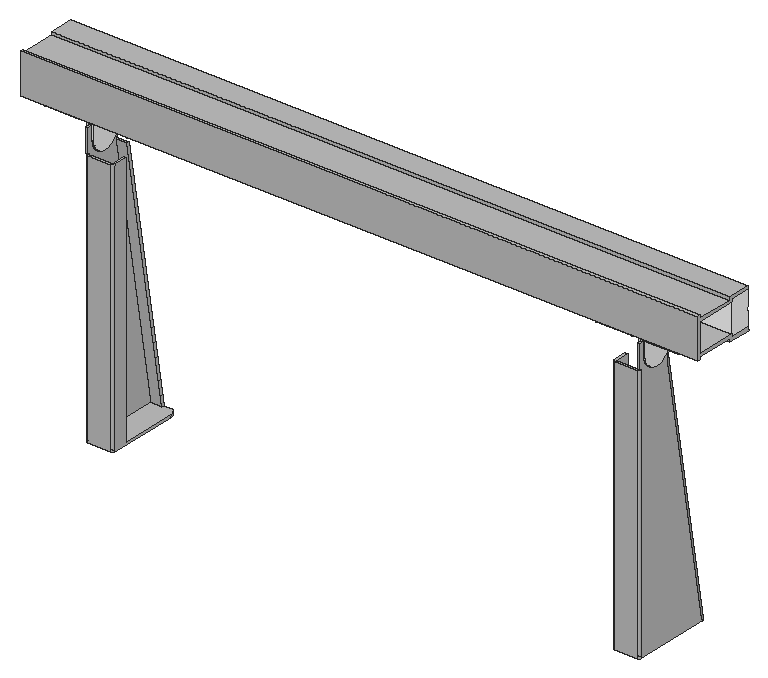
Revit family "4070750+4070746+4070772 Feilo Sylvania Lighting Fixture CURSUS 591MM 365LM WIDE LED 3K with CONTINUOUS WALL HOUSING with 250MM WALL BRACKET", category Lighting Fixtures, host Face, Revit 2017
Family settings
  Host = Face
  Round Connector Dimension = Use Diameter
  Part Type = Normal
  OmniClass Number = 23.80.70.14
  OmniClass Title = Luminaries for External Lighting
  Cut with Voids When Loaded = Yes
  Light Source = No
  Shared = No
  Room Calculation Point = No
Parameters (values of type "4070750 CURSUS 591MM 365LM WIDE LED 3K")
  Weight = "1.2 kg"
  Wattage Comments = "n/a"
  WarrantyStartDate [instance] = "n/a"
  WarrantyGuarantorParts = "n/a"
  WarrantyDurationUnit = "n/a"
  WarrantyDurationParts = "n/a"
  WarrantyDescription = "n/a"
  Voltage = 24 V
  URL = "http://www.sylvania-lighting.com"
  TypeName = "CURSUS 591MM 365LM WIDE LED 3K"
  TypeFixture_FEILO = CURSUS with CONTINUOUS WALL HOUSING : CURSUS 591MM 365LM WIDE LED 3K
  Type Image = <None>
  Type Comments = "n/a"
  TiltAngle [instance] = 0.00°
  StartAngle [instance] = TiltAngle + 270.00°  # 270.00°
  SerialNumber [instance] = "n/a"
  ReflectorMaterial = none
  PowerFactor = 0
  PowerConsumption = "9 W"
  NominalLength = 591 mm
  NominalHeight = 50 mm
  NominalDepth = 30 mm
  Name = "CURSUS 591MM 365LM WIDE LED 3K"
  ModelReference = Name  # "CURSUS 591MM 365LM WIDE LED 3K"
  ModelNumber = "4070750"
  Model = Name  # "CURSUS 591MM 365LM WIDE LED 3K"
  Material = "natural anodised extruded aluminium structure housing"
  ManufacturerName = "Feilo Sylvania"
  Manufacturer = "Feilo Sylvania"
  LuminousEfficacy = "40.55 lm/W"
  LuminaireType = ""
  LightOutputRatio = "100"
  LampsType = Lamp  # "LED"
  LampNominalLuminous = "365 lm"
  LampMacAdamStep = "n/a"
  LampColourTemperature = "3000 K"
  LampColourRenderingIndex = "80"
  Lamp = "LED"
  Keynote = "16500"
  InstallationDate [instance] = "n/a"
  InputVoltage = "24V DC"
  InputNominalFrequency = "n/a"
  IngressProtection = "IP67"
  ImpactProtectionIndex = "IK07"
  IfcExportType = "IfcLightFixtureType"
  IfcExportAs = "IfcLightFixtureType"
  ExpectedLife = 50000
  EndAngle [instance] = StartAngle - 180.00°  # 90.00°
  ElectricShockClassification = "Class III"
  DurationUnit = "hours"
  DocumentationLiterature = "http://www.sylvania-lighting.com/product/en-int/products/4070750"
  DimmingControlOptions = "n/a"
  DiffuserMaterial = Diffuser-Sylvania-Glow
  Description = "LED Exterior Lighting Recessed Surface Mounted Linear Fixture, Natural anodised extruded aluminium structure. Die-cast aluminium end caps. Installation kit with harmonic steel springs., 365 lm, 9W, 40lm/W, 3000K, CRI80+,non dimmable,IP67, IK07, (HxWxD) 591x50x30mm, 3 step Mac Adam Ellipse, 1.2kg,, Classe III, 21-25V-DC, energy class : A++, A+, A"
  Default Elevation = 1219.2 mm
  CreatedOn = "1/8/2018"
  CreatedBy = ""
  Cost = 0
  built-in parameter 1114216 [instance] = (empty or 0)
  ClassificationValue = "EF_70_80"
  ClassificationName = "Uniclass2015"
  BracketWidth = 24 mm
  BracketThickness = 2 mm
  BracketHeightEnd = 32 mm
  BracketHeight = 70 mm
  BracketFlange = BracketHeight / 5  # 14 mm
  BracketExtension = 250 mm
  BracketEndReduction = 25 mm
  BracketC = 22 mm  # constant formula
  BracketDistance = 460 mm
  BracketD = BracketHeightEnd - (BracketC * (BracketHeight - BracketHeightEnd) / (BracketExtension - BracketEndReduction))  # 28.284 mm
  BodyMaterial = Body-Sylvania-Gray
  BarCode [instance] = "n/a"
  AssetType = "Fixed"
  AssetIdentifier [instance] = "n/a"
  Assembly Code = "D5020200"
  Apparent Load = 9 VA
  AccessoryMaterial = Diffuser-Sylvania-Glow
Reference planes
  plane 1 "Center (Front/Back)": y = 0
  plane 2: z = 0
  plane 3 "Center (Left/Right)": x = 0
  plane 4: x = -242
  plane 5: x = 242
  plane 6: y = 70
  plane 7: x = -218
  plane 8: x = 218
  plane 9: z = 250
  plane 10: z = 236
  plane 11: z = 2
  plane 12: z = 225
  plane 13: x = -240
  plane 14: y = 68
  plane 15: y = 2
  plane 16: x = -220
  plane 17: x = 220
  plane 18: x = 240
  plane 19: x = -230
  plane 20: x = 230
  plane 21: y = 14
  plane 22: y = 32
  plane 23: y = 30
  plane 24: z = 247
  plane 25: y = 28.284
  plane 26: y = 16
Forms (mm)
  Blend 1, solid, material "Body-Sylvania-Gray" <- "BodyMaterial"
    base sketch origin (1223.4, -4572, 2) x (0, -1, 0) y (1, 0, 0)
      loop
        line (-4640, -1453.4) -> (-4642, -1453.4) -> (-4642, -1463.4)
        arc (-4642, -1463.4) -> (-4641.414, -1464.814) -> (-4640, -1465.4) r 2
        line (-4640, -1465.4) -> (-4574, -1465.4)
        arc (-4574, -1465.4) -> (-4572.586, -1464.814) -> (-4572, -1463.4) r 2
        line (-4572, -1463.4) -> (-4572, -1443.4)
        arc (-4572, -1443.4) -> (-4572.586, -1441.986) -> (-4574, -1441.4) r 2
        line (-4574, -1441.4) -> (-4586, -1441.4) -> (-4586, -1443.4) -> (-4574, -1443.4) -> (-4574, -1463.4) -> (-4640, -1463.4) -> (-4640, -1453.4)
    top sketch origin (1223.4, -4572, 2) x (0, -1, 0) y (1, 0, 0)
      loop
        line (-4586, -1443.4) -> (-4574, -1443.4) -> (-4574, -1463.4) -> (-4602, -1463.4) -> (-4602, -1453.4) -> (-4604, -1453.4) -> (-4604, -1463.4)
        arc (-4604, -1463.4) -> (-4603.52, -1464.71) -> (-4602.309, -1465.4) r 2.028
        line (-4602.309, -1465.4) -> (-4574, -1465.4)
        arc (-4574, -1465.4) -> (-4572.586, -1464.814) -> (-4572, -1463.4) r 2
        line (-4572, -1463.4) -> (-4572, -1443.4)
        arc (-4572, -1443.4) -> (-4572.586, -1441.986) -> (-4574, -1441.4) r 2
        line (-4574, -1441.4) -> (-4586, -1441.4) -> (-4586, -1443.4)
    from 0 to 223
  Extrusion 2, solid, material "Body-Sylvania-Gray" <- "BodyMaterial"
    sketch origin (0, 0, 0) x (1, 0, 0) y (0, 1, 0)
      loop
        arc (-240, 70) -> (-241.414, 69.414) -> (-242, 68) r 2
        line (-242, 68) -> (-242, 2)
        arc (-242, 2) -> (-241.414, 0.586) -> (-240, 0) r 2
        line (-240, 0) -> (-220, 0)
        arc (-220, 0) -> (-218.586, 0.586) -> (-218, 2) r 2
        line (-218, 2) -> (-218, 62.5)
        arc (-218, 62.5) -> (-220.197, 67.803) -> (-225.5, 70) r 7.5
        line (-225.5, 70) -> (-240, 70)
      loop
        line (240, 70) -> (225.5, 70)
        arc (225.5, 70) -> (220.197, 67.803) -> (218, 62.5) r 7.5
        line (218, 62.5) -> (218, 2)
        arc (218, 2) -> (218.586, 0.586) -> (220, 0) r 2
        line (220, 0) -> (240, 0)
        arc (240, 0) -> (241.414, 0.586) -> (242, 2) r 2
        line (242, 2) -> (242, 68)
        arc (242, 68) -> (241.414, 69.414) -> (240, 70) r 2
    from 0 to 2
  Blend 3, solid, material "Body-Sylvania-Gray" <- "BodyMaterial"
    base sketch origin (1223.4, -4572, 2) x (0, -1, 0) y (1, 0, 0)
      loop
        line (-4640, -983.4) -> (-4574, -983.4) -> (-4574, -1003.4) -> (-4586, -1003.4) -> (-4586, -1005.4) -> (-4574, -1005.4)
        arc (-4574, -1005.4) -> (-4572.586, -1004.814) -> (-4572, -1003.4) r 2
        line (-4572, -1003.4) -> (-4572, -983.4)
        arc (-4572, -983.4) -> (-4572.586, -981.986) -> (-4574, -981.4) r 2
        line (-4574, -981.4) -> (-4640, -981.4)
        arc (-4640, -981.4) -> (-4641.414, -981.986) -> (-4642, -983.4) r 2
        line (-4642, -983.4) -> (-4642, -993.4) -> (-4640, -993.4) -> (-4640, -983.4)
    top sketch origin (1223.4, -4572, 2) x (0, -1, 0) y (1, 0, 0)
      loop
        line (-4602, -993.4) -> (-4602, -983.4) -> (-4574, -983.4) -> (-4574, -1003.4) -> (-4586, -1003.4) -> (-4586, -1005.4) -> (-4574, -1005.4)
        arc (-4574, -1005.4) -> (-4572.586, -1004.814) -> (-4572, -1003.4) r 2
        line (-4572, -1003.4) -> (-4572, -983.4)
        arc (-4572, -983.4) -> (-4572.586, -981.986) -> (-4574, -981.4) r 2
        line (-4574, -981.4) -> (-4602, -981.4)
        arc (-4602, -981.4) -> (-4603.414, -981.986) -> (-4604, -983.4) r 2
        line (-4604, -983.4) -> (-4604, -993.4) -> (-4602, -993.4)
    from 0 to 223
  Blend 4, solid, material "Body-Sylvania-Gray" <- "BodyMaterial"
    base sketch origin (1223.4, -4572, 225) x (0, -1, 0) y (1, 0, 0)
      loop
        line (-4604, -1465.4) -> (-4572, -1465.4) -> (-4572, -1463.4) -> (-4604, -1463.4) -> (-4604, -1465.4)
    top sketch origin (1223.4, -4572, 225) x (0, -1, 0) y (1, 0, 0)
      loop
        line (-4572, -1465.4) -> (-4572, -1463.4) -> (-4600.284, -1463.4) -> (-4600.284, -1465.4) -> (-4572, -1465.4)
    from 0 to 22
  Blend 5, solid, material "Body-Sylvania-Gray" <- "BodyMaterial"
    base sketch origin (1223.4, -4572, 225) x (0, -1, 0) y (1, 0, 0)
      loop
        line (-4604, -983.4) -> (-4572, -983.4) -> (-4572, -981.4) -> (-4604, -981.4) -> (-4604, -983.4)
    top sketch origin (1223.4, -4572, 225) x (0, -1, 0) y (1, 0, 0)
      loop
        line (-4572, -981.4) -> (-4600.284, -981.4) -> (-4600.284, -983.4) -> (-4572, -983.4) -> (-4572, -981.4)
    from 0 to 22
  Extrusion 6, void
    sketch origin (0, 0, 0) x (0, 1, 0) y (0, 0, 1)
      loop
        line (0, 225) -> (2, 225) -> (2, 226.5) -> (0, 226.5) -> (0, 225)
      loop
        line (32, 225) -> (32, 226.5) -> (30, 226.5) -> (30, 225) -> (32, 225)
    from -242 to 242
  Revolve 7, solid, not visible
    sketch origin (1524, 16, 1219.2) x (1, 0, 0) y (0, 0, 1)
      loop
        line (-1524, -972.2) -> (-1524, -983.2) -> (-1294, -983.2) -> (-1294, -972.2) -> (-1524, -972.2)
      axis (-1294, -983.2) -> (-1524, -983.2)
    angle from 270 <- "StartAngle" to 90 <- "EndAngle"
Cuts and joins
  Extrusion 6 cuts Blend 4
  Extrusion 6 cuts Blend 5
  joined: Blend 1, Extrusion 2, Blend 3, Blend 4, Blend 5
Lines and regions (mm)
  reference lines, not visible
    curve 1: line (-218, 16, 236) -> (218, 16, 236)
Dimensions and locks
  equal spacing: plane 4, plane 3 "Center (Left/Right)", plane 5
  "BracketDistance": plane 19 to plane 20
  "BracketHeight": plane 1 "Center (Front/Back)" to plane 6
  equal spacing: plane 7, plane 3 "Center (Left/Right)", plane 8
  "BracketWidth": plane 4 to plane 7
  "BracketExtension": plane 9 to plane 2
  "BracketThickness": plane 11 to plane 2
  "BracketEndReduction": plane 9 to plane 12
  equal spacing: plane 13, plane 3 "Center (Left/Right)", plane 18
  equal spacing: plane 16, plane 3 "Center (Left/Right)", plane 17
  "BracketThickness": plane 4 to plane 13
  "BracketThickness": plane 16 to plane 7
  "BracketThickness": plane 14 to plane 6
  "BracketThickness": plane 1 "Center (Front/Back)" to plane 15
  equal spacing: plane 4, plane 19, plane 7
  equal spacing: plane 8, plane 20, plane 5
  "BracketFlange": plane 1 "Center (Front/Back)" to plane 21
  "BracketHeightEnd": plane 1 "Center (Front/Back)" to plane 22
  "BracketThickness": plane 23 to plane 22
  locked: Extrusion 2 sketch curve to plane 7 at 7.5
  locked: Extrusion 2 sketch curve to plane 6 at 7.5  (x2)
  locked: plane 8 to Extrusion 2 sketch curve at 7.5
  "BracketC": plane 24 to plane 12
  "BracketD": plane 1 "Center (Front/Back)" to plane 25
  locked: plane 12 to Extrusion 6 sketch curve at 1.5
  equal spacing: plane 24, plane 10, plane 12
  equal spacing: plane 1 "Center (Front/Back)", plane 26, plane 22
  aligned and locked: plane 2 to host face
  aligned and locked: level to host face
  aligned and locked: plane 4 to Blend 1 sketch curve  (x2)
  aligned and locked: plane 13 to Blend 1 sketch curve  (x3)
  aligned and locked: Blend 1 sketch curve to plane 15
  aligned and locked: Blend 1 sketch curve to plane 16
  aligned and locked: Blend 1 sketch curve to plane 21
  aligned and locked: plane 7 to Blend 1 sketch curve
  aligned and locked: plane 16 to Blend 1 sketch curve
  aligned and locked: plane 1 "Center (Front/Back)" to Blend 1 sketch curve
  aligned and locked: plane 14 to Blend 1 sketch curve
  aligned and locked: Blend 1 sketch curve to var sketch  (x6)
  aligned and locked: Blend 1 sketch curve to plane 19
  aligned and locked: Blend 1 sketch curve to plane 22
  aligned and locked: plane 23 to Blend 1 sketch curve
  aligned and locked: plane 11 to Blend 1
  aligned and locked: Extrusion 2 sketch curve to Blend 1  (x3)
  aligned and locked: Extrusion 2 to level
  aligned and locked: Extrusion 2 to plane 11
  aligned and locked: Extrusion 2 sketch curve to plane 7
  aligned and locked: plane 18 to Blend 3 sketch curve  (x4)
  aligned and locked: plane 14 to Blend 3 sketch curve  (x2)
  aligned and locked: Blend 3 sketch curve to plane 20
  aligned and locked: Blend 3 sketch curve to plane 6
  aligned and locked: plane 5 to Blend 3 sketch curve
  aligned and locked: plane 1 "Center (Front/Back)" to Blend 3 sketch curve
  aligned and locked: plane 15 to Blend 3 sketch curve  (x2)
  aligned and locked: Blend 3 sketch curve to plane 8
  aligned and locked: Blend 3 sketch curve to plane 21
  aligned and locked: plane 17 to Blend 3 sketch curve
  aligned and locked: Blend 3 sketch curve to plane 18
  aligned and locked: plane 20 to Blend 3 sketch curve  (x2)
  aligned and locked: Blend 3 sketch curve to plane 23
  aligned and locked: Blend 3 sketch curve to var sketch  (x8)
  aligned and locked: var sketch to Blend 3 sketch curve
  aligned and locked: plane 22 to Blend 3 sketch curve
  aligned and locked: plane 11 to Blend 3
  aligned and locked: Extrusion 2 sketch curve to Blend 3  (x4)
  aligned and locked: Blend 1 to plane 12
  aligned and locked: Blend 3 to plane 12
  aligned and locked: Blend 4 sketch curve to plane 22
  aligned and locked: Blend 4 sketch curve to cut or joined group of Blend 1, Extrusion 2, Blend 3, Blend 4, Blend 5, Extrusion 6  (x2)
  aligned and locked: cut or joined group of Blend 1, Extrusion 2, Blend 3, Blend 4, Blend 5, Extrusion 6 to Blend 4 sketch curve
  aligned and locked: Blend 4 sketch curve to var sketch  (x2)
  aligned and locked: Blend 4 sketch curve to plane 13
  aligned and locked: Blend 4 to plane 24
  aligned and locked: Blend 4 sketch curve to plane 25
  aligned and locked: Blend 5 sketch curve to plane 18  (x2)
  aligned and locked: plane 1 "Center (Front/Back)" to Blend 5 sketch curve
  aligned and locked: plane 5 to Blend 5 sketch curve
  aligned and locked: plane 22 to Blend 5 sketch curve
  aligned and locked: Blend 5 sketch curve to var sketch
  aligned and locked: var sketch to Blend 5 sketch curve
  aligned and locked: Blend 5 sketch curve to plane 25
  aligned and locked: Blend 5 to plane 24
  aligned and locked: plane 12 to Blend 5
  aligned and locked: Extrusion 6 sketch curve to cut or joined group of Blend 1, Extrusion 2, Blend 3, Blend 4, Blend 5, Extrusion 6  (x2)
  aligned and locked: Extrusion 6 sketch curve to Extrusion 6 sketch curve
  aligned and locked: Extrusion 6 sketch curve to plane 15
  aligned and locked: plane 5 to Extrusion 6
  aligned and locked: Extrusion 6 to plane 4
  aligned and locked: Extrusion 6 sketch curve to plane 23
  aligned and locked: Revolve 7 sketch curve to plane 10  (x2)
  aligned and locked: plane 24 to Revolve 7 sketch curve
  aligned and locked: plane 3 "Center (Left/Right)" to Revolve 7 sketch curve
  aligned and locked: Revolve 7 sketch curve to plane 20
  aligned and locked: plane 7 to curve 1
  aligned and locked: plane 10 to curve 1
  aligned and locked: nested 1 to plane 5
  aligned and locked: nested 2 to plane 4
  aligned and locked: nested 1 to curve 1
  aligned and locked: nested 2 to curve 1
  aligned and locked: nested 3 to plane 3 "Center (Left/Right)"
  aligned and locked: nested 1 to nested 3
Automatic sketch dimensions
  host sketch curve to host sketch curve = 2438.4 mm  (x2)
  Blend 1 sketch curve to plane 13 = 0 mm
  plane 15 to Blend 1 sketch curve = 0 mm  (x3)
  Blend 1 sketch curve to plane 23 = 0.309 mm
  plane 6 to Blend 1 sketch curve = 0 mm
  plane 14 to Blend 1 sketch curve = 0 mm
  Blend 1 sketch curve to plane 19 = 0 mm
  Blend 3 sketch curve to plane 17 = 0 mm
  Extrusion 6 sketch curve to plane 1 "Center (Front/Back)" = 0 mm
  plane 12 to Extrusion 6 sketch curve = 0 mm
  Revolve 7 sketch curve to plane 4 = 1153 mm
  plane 5 to Revolve 7 sketch curve = 1161.4 mm
  curve 1 to plane 8 = 0 mm
Nested families
  nested 1: "MountingPlate" at (241, 16, 236) x (-1, 0, 0) z (0, 0, 1), type "MountingPlate"
  nested 2: "MountingPlate" at (-241, 16, 236) x (-1, 0, 0) z (0, 0, 1), type "MountingPlate"
  nested 3: "CURSUS with CONTINUOUS WALL HOUSING" at (0, -4, 254) x (-1, 0, 0) z (0, 0, 1), type <- "TypeFixture_FEILO", type "CURSUS 591MM 365LM WIDE LED 3K"
    with WarrantyStartDate "n/a", SerialNumber "n/a", InstallationDate "n/a", EndCapRight no, EndCapLeft no, built-in parameter 1114216 (empty or 0), BarCode "n/a", AssetIdentifier "n/a"
Connectors
  electrical at (0, 0, 0), driven by "Voltage", driven by "Apparent Load", driven by "PowerFactor"
    settings: index 1, voltage 24 V, apparent load 9 VA, apparent load phase1 0 VA, apparent load phase2 0 VA, apparent load phase3 0 VA, power factor 0, load classification "Other", number of poles 1, system type 30, power factor state 1, is connector primary yes, connector utility no, sub classification motor no, connector description ""
Definition of nested family "MountingPlate"
  Parameters (values of type "MountingPlate")
    URL = "http://www.feilosylvania.com"
    Type Comments = "n/a"
    ReflectorMaterial = none
    MountingPlateWidth = 76 mm
    MountingPlateThickness = 2 mm
    MountingPlateRadiusBack = 12 mm
    MountingPlateRadius = 3 mm
    MountingPlateHeight = 35 mm
    Model = "n/a"
    Manufacturer = "Feilo Sylvania"
    Keynote = "n/a"
    DiffuserMaterial = none
    Description = "n/a"
    Default Elevation = 1219.2 mm
    Cost = 0
    BodyMaterial = none
    Assembly Code = "n/a"
    AccessoryMaterial = none
  Reference planes
    plane 1 "Center (Front/Back)": y = 0
    plane 2: z = 0
    plane 3 "Center (Left/Right)": x = 0
    plane 4: x = -38
    plane 5: x = 38
    plane 6: y = 17.5
    plane 7: y = -17.5
    plane 8: x = -3
    plane 9: x = 3
    plane 10: z = 18
    plane 11: z = 16
    plane 12: y = 12.5
    plane 13: y = -12.5
    plane 14: x = -1
    plane 15: x = 1
    plane 16: z = -12.5
    plane 17: z = -14.5
  Forms (mm)
    Extrusion 1, solid
      sketch origin (1.653, 0, 0) x (1, 0, 0) y (0, 1, 0)
        loop
          line (-1219.2, 1219.2) -> (-1219.2, -1219.2) -> (1219.2, -1219.2) -> (1219.2, 1219.2) -> (-1219.2, 1219.2)
      from 0 to -304.8
    Extrusion 2, solid, material <- "BodyMaterial"
      sketch origin (1218.4, -4572, 16) x (0, -1, 0) y (-1, 0, 0)
        loop
          line (-4589.5, 1253.4) -> (-4589.5, 1224.4)
          arc (-4589.5, 1224.4) -> (-4588.621, 1222.279) -> (-4586.5, 1221.4) r 3
          line (-4586.5, 1221.4) -> (-4557.5, 1221.4)
          arc (-4557.5, 1221.4) -> (-4555.379, 1222.279) -> (-4554.5, 1224.4) r 3
          line (-4554.5, 1224.4) -> (-4554.5, 1253.4)
          arc (-4554.5, 1253.4) -> (-4555.379, 1255.521) -> (-4557.5, 1256.4) r 3
          line (-4557.5, 1256.4) -> (-4586.5, 1256.4)
          arc (-4586.5, 1256.4) -> (-4588.621, 1255.521) -> (-4589.5, 1253.4) r 3
        loop
          arc (-4589.5, 1183.4) -> (-4588.621, 1181.279) -> (-4586.5, 1180.4) r 3
          line (-4586.5, 1180.4) -> (-4557.5, 1180.4)
          arc (-4557.5, 1180.4) -> (-4555.379, 1181.279) -> (-4554.5, 1183.4) r 3
          line (-4554.5, 1183.4) -> (-4554.5, 1212.4)
          arc (-4554.5, 1212.4) -> (-4555.379, 1214.521) -> (-4557.5, 1215.4) r 3
          line (-4557.5, 1215.4) -> (-4586.5, 1215.4)
          arc (-4586.5, 1215.4) -> (-4588.621, 1214.521) -> (-4589.5, 1212.4) r 3
          line (-4589.5, 1212.4) -> (-4589.5, 1183.4)
      from 0 to -2
    Extrusion 3, solid, material <- "BodyMaterial"
      sketch origin (0, 0, 0) x (1, 0, 0) y (0, 0, 1)
        loop
          line (-3, 18) -> (-3, -12.5) -> (-1, -12.5) -> (-1, 16)
          arc (-1, 16) -> (-1.586, 17.414) -> (-3, 18) r 2
        loop
          line (3, -12.5) -> (3, 18)
          arc (3, 18) -> (1.586, 17.414) -> (1, 16) r 2
          line (1, 16) -> (1, -12.5) -> (3, -12.5)
      from -12.5 to 12.5
    Extrusion 4, void
      sketch origin (0, 0, 0) x (0, 1, 0) y (0, 0, 1)
        loop
          line (-12.5, -0.5) -> (-17.5, -0.5) -> (-17.5, -14.5) -> (-0.5, -14.5) -> (-0.5, -12.5)
          arc (-0.5, -12.5) -> (-8.985, -8.985) -> (-12.5, -0.5) r 12
        loop
          line (0.5, -12.5) -> (0.5, -14.5) -> (17.5, -14.5) -> (17.5, -0.5) -> (12.5, -0.5)
          arc (12.5, -0.5) -> (8.985, -8.985) -> (0.5, -12.5) r 12
      from -3 to 3
  Cuts and joins
    Extrusion 4 cuts Extrusion 2
    Extrusion 4 cuts Extrusion 3
    joined: Extrusion 2, Extrusion 3
  Lines and regions (mm)
    reference lines
      curve 1: line (-38, 0, 0) -> (38, 0, 0)
  Dimensions and locks
    equal spacing: plane 4, plane 3 "Center (Left/Right)", plane 5
    "MountingPlateWidth": plane 4 to plane 5
    equal spacing: plane 7, plane 1 "Center (Front/Back)", plane 6
    "MountingPlateHeight": plane 7 to plane 6
    equal spacing: plane 8, plane 3 "Center (Left/Right)", plane 9
    "MountingPlateHeight": plane 4 to plane 8
    locked: plane 10 to plane 2 at 18
    "MountingPlateThickness": plane 10 to plane 11
    equal spacing: plane 13, plane 1 "Center (Front/Back)", plane 12
    locked: plane 13 to plane 12 at 25
    "MountingPlateRadius": plane 4 to Extrusion 2 sketch curve  (x2)
    "MountingPlateRadius": Extrusion 2 sketch curve to plane 6  (x4)
    "MountingPlateRadius": Extrusion 2 sketch curve to plane 8  (x2)
    "MountingPlateRadius": plane 7 to Extrusion 2 sketch curve  (x4)
    "MountingPlateRadius": plane 9 to Extrusion 2 sketch curve  (x2)
    "MountingPlateRadius": Extrusion 2 sketch curve to plane 5  (x2)
    equal spacing: plane 15, plane 3 "Center (Left/Right)", plane 14
    "MountingPlateThickness": plane 14 to plane 8
    locked: plane 2 to plane 16 at 12.5
    locked: plane 17 to plane 16 at 2
    "MountingPlateRadiusBack": plane 13 to Extrusion 4 sketch curve
    "MountingPlateRadiusBack": plane 16 to Extrusion 4 sketch curve  (x2)
    "MountingPlateRadiusBack": Extrusion 4 sketch curve to plane 12
    aligned and locked: plane 2 to Extrusion 1
    aligned and locked: level to Extrusion 1
    aligned and locked: Extrusion 2 sketch curve to plane 6
    aligned and locked: Extrusion 2 sketch curve to plane 4
    aligned and locked: plane 7 to Extrusion 2 sketch curve
    aligned and locked: plane 8 to Extrusion 2 sketch curve
    aligned and locked: plane 6 to Extrusion 2 sketch curve
    aligned and locked: Extrusion 2 sketch curve to plane 5
    aligned and locked: Extrusion 2 sketch curve to plane 7
    aligned and locked: plane 9 to Extrusion 2 sketch curve
    aligned and locked: Extrusion 2 to plane 10
    aligned and locked: plane 11 to Extrusion 2
    aligned and locked: Extrusion 3 sketch curve to Extrusion 2  (x2)
    aligned and locked: plane 16 to Extrusion 3 sketch curve  (x2)
    aligned and locked: plane 14 to Extrusion 3 sketch curve
    aligned and locked: plane 9 to Extrusion 3 sketch curve
    aligned and locked: plane 15 to Extrusion 3 sketch curve
    aligned and locked: Extrusion 3 to plane 12
    aligned and locked: plane 13 to Extrusion 3
    aligned and locked: plane 17 to Extrusion 4 sketch curve  (x2)
    aligned and locked: Extrusion 4 sketch curve to plane 7
    aligned and locked: Extrusion 4 sketch curve to plane 6
    aligned and locked: plane 9 to Extrusion 4
    aligned and locked: Extrusion 4 to plane 8
    aligned and locked: plane 4 to curve 1
    aligned and locked: curve 1 to level
  Automatic sketch dimensions
    Extrusion 1 sketch curve to Extrusion 1 sketch curve = 2438.4 mm  (x2)
    Extrusion 3 sketch curve to plane 11 = 0 mm
    curve 1 to plane 5 = 0 mm
    Extrusion 4 sketch curve to plane 13 = 0 mm
    Extrusion 4 sketch curve to plane 12 = 0 mm
Definition of nested family "CURSUS with CONTINUOUS WALL HOUSING"
  Parameters (values of type "CURSUS 1161MM 827LM OVAL LED 3K")
    Width_FEILO = 35 mm
    Weight = "2.2 kg"
    Wattage Comments = "n/a"
    Wattage = 18 W
    WarrantyStartDate [instance] = "n/a"
    WarrantyGuarantorParts = "n/a"
    WarrantyDurationUnit = "n/a"
    WarrantyDurationParts = "n/a"
    WarrantyDescription = "n/a"
    WallThickness_FEILO = 2.5 mm
    built-in parameter 1150110 = 1 (stored number, unit not read)
    Voltage = 24 V
    URL = "http://www.feilosylvania.com"
    TypeName = "CURSUS 1161MM 827LM OVAL LED 3K"
    Type Image = (empty or 0)
    Type Comments = "n/a"
    built-in parameter 1114217 = 1 (stored number, unit not read)
    Tilt Angle = -90.00°
    built-in parameter 1150109 = 1 (stored number, unit not read)
    built-in parameter 1150134 = (empty or 0)
    built-in parameter 1150113 = 1 (stored number, unit not read)
    SerialNumber [instance] = "n/a"
    ReflectorMaterial = none
    PowerFactor = 0
    PowerConsumption = "18 W"
    Photometric Web File = "4070765.ies"
    NominalLength = 1161 mm
    NominalHeight = 50 mm
    NominalDepth = 30 mm
    Name = "CURSUS 1161MM 827LM OVAL LED 3K"
    ModelReference = Name  # "CURSUS 1161MM 827LM OVAL LED 3K"
    ModelNumber = ""
    Model = Name  # "CURSUS 1161MM 827LM OVAL LED 3K"
    Material = "natural anodised extruded aluminium structure housing, optical system with pmma lenses diffuser"
    ManufacturerName = "Feilo Sylvania"
    Manufacturer = "Feilo Sylvania"
    LuminousEfficacy = "45.94 lm/W"
    built-in parameter 1150105 = 65.811 (stored number, unit not read)
    Lumens = 827 lm
    LuminaireType = ""
    built-in parameter 1150115 = 1 (stored number, unit not read)
    LightOutputRatio = "100"
    built-in parameter 1150137 = (empty or 0)
    built-in parameter 1150139 = (empty or 0)
    Length_FEILO = 1167 mm
    LampsType = Lamp  # "LED"
    LampNominalLuminous = "827 lm"
    LampMacAdamStep = "n/a"
    LampColourTemperature = "3000 K"
    LampColourRenderingIndex = "80"
    built-in parameter 1150112 = 1 (stored number, unit not read)
    built-in parameter 1150114 = 1 (stored number, unit not read)
    Lamp = "LED"
    Keynote = "16500"
    InstallationDate [instance] = "n/a"
    InputVoltage = "24V DC"
    InputNominalFrequency = "n/a"
    built-in parameter 1150132 = (empty or 0)
    built-in parameter 1150102 = (empty or 0)
    built-in parameter 1150107 = 3000 (stored number, unit not read)
    built-in parameter 1150138 = (empty or 0)
    IngressProtection = "IP67"
    ImpactProtectionIndex = "IK07"
    built-in parameter 1150106 = 0.65811 (stored number, unit not read)
    IfcExportType = "IfcLightFixtureType"
    IfcExportAs = "IfcLightFixtureType"
    ExpectedLife = 50000
    EndCapRight [instance] = no
    EndCapLeft [instance] = no
    Emit from Rectangle Width = Width_FEILO - WallThickness_FEILO * 2  # 30 mm
    Emit from Rectangle Length = Length_FEILO - WallThickness_FEILO * 2  # 1162 mm
    Emit Shape Visible in Rendering = no
    ElectricShockClassification = "Class III"
    built-in parameter 1150104 = 4.2684 (stored number, unit not read)
    DurationUnit = "hours"
    DocumentationLiterature = "http://www.feilosylvania.com/product/en-int/products/4070765"
    DimmingControlOptions = "n/a"
    Dimming Lamp Color Temperature Shift = (empty or 0)
    DiffuserMaterial = none
    Description = "LED Exterior Lighting Recessed Surface Mounted Linear Fixture, Natural anodised extruded aluminium structure. Die-cast aluminium end caps. Installation kit with harmonic steel springs., 827 lm, 18W, 45lm/W, 3000K, CRI80+,non dimmable,IP67, IK07, (HxWxD) 1161x50x30mm, 3 step Mac Adam Ellipse, 2.2kg,, Classe III, 21-25V-DC, energy class : A++, A+, A"
    Default Elevation = 1219.2 mm
    CreatedOn = "1/8/2018"
    CreatedBy = "aron.fodor@feilosylvania.com"
    Cost = 0
    Color Filter = 16777215
    built-in parameter 1114216 [instance] = (empty or 0)
    ClassificationValue = "EF_70_80"
    ClassificationName = "Uniclass2015"
    BodyMaterial = none
    BarCode [instance] = "n/a"
    built-in parameter 1114218 = 1 (stored number, unit not read)
    built-in parameter 1150133 = 10 (stored number, unit not read)
    AssetType = "Fixed"
    AssetIdentifier [instance] = "n/a"
    Assembly Code = "D5020200"
    Apparent Load = 18 VA
    AccessoryMaterial = none
  Types (16, lengths in mm): name | Weight | Wattage | Voltage | TypeName | built-in parameter 1150134 | PowerConsumption | Photometric Web File | NominalLength | Name | ModelReference | Model | Material | LuminousEfficacy | built-in parameter 1150105 | Lumens | Length_FEILO | LampNominalLuminous | LampColourTemperature | InputVoltage | InputNominalFrequency | built-in parameter 1150107 | built-in parameter 1150106 | Emit from Rectangle Length | built-in parameter 1150104 | DocumentationLiterature | Description | Apparent Load
    CURSUS 1161MM 827LM OVAL LED 3K | "2.2 kg" | 18 W | 24 V | "CURSUS 1161MM 827LM OVAL LED 3K" | (empty or 0) | "18 W" | "4070765.ies" | 1161 | "CURSUS 1161MM 827LM OVAL LED 3K" | "CURSUS 1161MM 827LM OVAL LED 3K" | "CURSUS 1161MM 827LM OVAL LED 3K" | "natural anodised extruded aluminium structure housing, optical system with pmma lenses diffuser" | "45.94 lm/W" | 65.811 (stored number, unit not read) | 827 lm | 1167 | "827 lm" | "3000 K" | "24V DC" | "n/a" | 3000 (stored number, unit not read) | 0.65811 (stored number, unit not read) | 1162 | 4.2684 (stored number, unit not read) | "http://www.feilosylvania.com/product/en-int/products/4070765" | "LED Exterior Lighting Recessed Surface Mounted Linear Fixture, Natural anodised extruded aluminium structure. Die-cast aluminium end caps. Installation kit with harmonic steel springs., 827 lm, 18W, 45lm/W, 3000K, CRI80+,non dimmable,IP67, IK07, (HxWxD) 1161x50x30mm, 3 step Mac Adam Ellipse, 2.2kg,, Classe III, 21-25V-DC, energy class : A++, A+, A" | 18 VA
    CURSUS 1161MM 731LM WIDE LED 3K | "2.2 kg" | 18 W | 230 V | "CURSUS 1161MM 731LM WIDE LED 3K" | (empty or 0) | "18 W" | "4070764.ies" | 1161 | "CURSUS 1161MM 731LM WIDE LED 3K" | "CURSUS 1161MM 731LM WIDE LED 3K" | "CURSUS 1161MM 731LM WIDE LED 3K" | "natural anodised extruded aluminium structure housing" | "40.61 lm/W" | 58.171 (stored number, unit not read) | 731 lm | 1167 | "731 lm" | "3000 K" | "220-240V~" | "n/a" | 3000 (stored number, unit not read) | 0.58171 (stored number, unit not read) | 1162 | 3.7729 (stored number, unit not read) | "http://www.feilosylvania.com/product/en-int/products/4070764" | "LED Exterior Lighting Recessed Surface Mounted Linear Fixture, Natural anodised extruded aluminium structure. Die-cast aluminium end caps. Installation kit with harmonic steel springs., 731 lm, 18W, 40lm/W, 3000K, CRI80+,non dimmable,IP67, IK07, (HxWxD) 1161x50x30mm, 3 step Mac Adam Ellipse, 2.2kg,, Classe III, 21-25V-DC, energy class : A++, A+, A" | 18 VA
    CURSUS 1161MM 871LM OVAL LED 4K | "2.2 kg" | 18 W | 24 V | "CURSUS 1161MM 871LM OVAL LED 4K" | 12 | "18 W" | "4070763.ies" | 1161 | "CURSUS 1161MM 871LM OVAL LED 4K" | "CURSUS 1161MM 871LM OVAL LED 4K" | "CURSUS 1161MM 871LM OVAL LED 4K" | "natural anodised extruded aluminium structure housing, optical system with pmma lenses diffuser" | "48.38 lm/W" | 69.312 (stored number, unit not read) | 871 lm | 1167 | "871 lm" | "4000 K" | "24V DC" | "50/60 Hz" | 4000 (stored number, unit not read) | 0.69312 (stored number, unit not read) | 1162 | 4.4955 (stored number, unit not read) | "http://www.feilosylvania.com/product/en-int/products/4070763" | "LED Exterior Lighting Recessed Surface Mounted Linear Fixture, Natural anodised extruded aluminium structure. Die-cast aluminium end caps. Installation kit with harmonic steel springs., 871 lm, 18W,  48lm/W, 4000K, CRI80+,non dimmable,IP67, IK07, (HxWxD) 1161x50x30mm, 3 step Mac Adam Ellipse, 2.2kg,, Classe III, 21-25V-DC, energy class : A++, A+, A" | 18 VA
    CURSUS 1161MM 770LM WIDE LED 4K | "2.2 kg" | 18 W | 230 V | "CURSUS 1161MM 770LM WIDE LED 4K" | 12 | "18 W" | "4070762.ies" | 1161 | "CURSUS 1161MM 770LM WIDE LED 4K" | "CURSUS 1161MM 770LM WIDE LED 4K" | "CURSUS 1161MM 770LM WIDE LED 4K" | "natural anodised extruded aluminium structure housing" | "42.77 lm/W" | 61.275 (stored number, unit not read) | 770 lm | 1167 | "770 lm" | "4000 K" | "220-240V~" | "n/a" | 4000 (stored number, unit not read) | 0.61275 (stored number, unit not read) | 1162 | 3.9742 (stored number, unit not read) | "http://www.feilosylvania.com/product/en-int/products/4070762" | "LED Exterior Lighting Recessed Surface Mounted Linear Fixture, Natural anodised extruded aluminium structure. Die-cast aluminium end caps. Installation kit with harmonic steel springs., 770 lm, 18W,  42lm/W, 4000K, CRI80+,non dimmable,IP67, IK07, (HxWxD) 1161x50x30mm, 3 step Mac Adam Ellipse, 2.2kg,, Classe III, 21-25V-DC, energy class : A++, A+, A" | 18 VA
    CURSUS 876MM 620LM OVAL LED 3K | "1.7 kg" | 13.5 W | 24 V | "CURSUS 876MM 620LM OVAL LED 3K" | (empty or 0) | "13.5 W" | "4070758.ies" | 876 | "CURSUS 876MM 620LM OVAL LED 3K" | "CURSUS 876MM 620LM OVAL LED 3K" | "CURSUS 876MM 620LM OVAL LED 3K" | "natural anodised extruded aluminium structure housing, optical system with pmma lenses diffuser" | "45.92 lm/W" | 49.338 (stored number, unit not read) | 620 lm | 882 | "620 lm" | "3000 K" | "24V DC" | "50/60 Hz" | 3000 (stored number, unit not read) | 0.49338 (stored number, unit not read) | 877 | 4.2667 (stored number, unit not read) | "http://www.feilosylvania.com/product/en-int/products/4070758" | "LED Exterior Lighting Recessed Surface Mounted Linear Fixture, Natural anodised extruded aluminium structure. Die-cast aluminium end caps. Installation kit with harmonic steel springs., 620 lm, 13,5W, 45lm/W, 3000K, CRI80+,non dimmable,IP67, IK07, (HxWxD) 876x50x30mm, 3 step Mac Adam Ellipse, 1.7kg,, Classe III, 21-25V-DC, energy class : A++, A+, A" | 13.5 VA
    CURSUS 876MM 548LM WIDE LED 3K | "1.7 kg" | 13.5 W | 24 V | "CURSUS 876MM 548LM WIDE LED 3K" | (empty or 0) | "13.5 W" | "4070757.ies" | 876 | "CURSUS 876MM 548LM WIDE LED 3K" | "CURSUS 876MM 548LM WIDE LED 3K" | "CURSUS 876MM 548LM WIDE LED 3K" | "natural anodised extruded aluminium structure housing" | "40.59 lm/W" | 43.608 (stored number, unit not read) | 548 lm | 882 | "548 lm" | "3000 K" | "24V DC" | "n/a" | 3000 (stored number, unit not read) | 0.43608 (stored number, unit not read) | 877 | 3.7712 (stored number, unit not read) | "http://www.feilosylvania.com/product/en-int/products/4070757" | "LED Exterior Lighting Recessed Surface Mounted Linear Fixture, Natural anodised extruded aluminium structure. Die-cast aluminium end caps. Installation kit with harmonic steel springs., 548 lm, 13,5W, 40lm/W, 3000K, CRI80+,non dimmable,IP67, IK07, (HxWxD) 876x50x30mm, 3 step Mac Adam Ellipse, 1.7kg,, Classe III, 21-25V-DC, energy class : A++, A+, A" | 13.5 VA
    CURSUS 876MM 653LM OVAL LED 4K | "1.7 kg" | 13.5 W | 24 V | "CURSUS 876MM 653LM OVAL LED 4K" | 12 | "13.5 W" | "4070756.ies" | 876 | "CURSUS 876MM 653LM OVAL LED 4K" | "CURSUS 876MM 653LM OVAL LED 4K" | "CURSUS 876MM 653LM OVAL LED 4K" | "natural anodised extruded aluminium structure housing, optical system with pmma lenses diffuser" | "48.37 lm/W" | 51.964 (stored number, unit not read) | 653 lm | 882 | "653 lm" | "4000 K" | "24V DC" | "n/a" | 4000 (stored number, unit not read) | 0.51964 (stored number, unit not read) | 877 | 4.4938 (stored number, unit not read) | "http://www.feilosylvania.com/product/en-int/products/4070756" | "LED Exterior Lighting Recessed Surface Mounted Linear Fixture, Natural anodised extruded aluminium structure. Die-cast aluminium end caps. Installation kit with harmonic steel springs., 653 lm, 13,5W,  48lm/W, 4000K, CRI80+,non dimmable,IP67, IK07, (HxWxD) 876x50x30mm, 3 step Mac Adam Ellipse, 1.7kg,, Classe III, 21-25V-DC, energy class : A++, A+, A" | 13.5 VA
    CURSUS 876MM 577LM WIDE LED 4K | "1.7 kg" | 13.5 W | 24 V | "CURSUS 876MM 577LM WIDE LED 4K" | 12 | "13.5 W" | "4070755.ies" | 876 | "CURSUS 876MM 577LM WIDE LED 4K" | "CURSUS 876MM 577LM WIDE LED 4K" | "CURSUS 876MM 577LM WIDE LED 4K" | "natural anodised extruded aluminium structure housing" | "42.74 lm/W" | 45.916 (stored number, unit not read) | 577 lm | 882 | "577 lm" | "4000 K" | "24V DC" | "n/a" | 4000 (stored number, unit not read) | 0.45916 (stored number, unit not read) | 877 | 3.9707 (stored number, unit not read) | "http://www.feilosylvania.com/product/en-int/products/4070755" | "LED Exterior Lighting Recessed Surface Mounted Linear Fixture, Natural anodised extruded aluminium structure. Die-cast aluminium end caps. Installation kit with harmonic steel springs., 577 lm, 13,5W,  42lm/W, 4000K, CRI80+,non dimmable,IP67, IK07, (HxWxD) 876x50x30mm, 3 step Mac Adam Ellipse, 1.7kg,, Classe III, 21-25V-DC, energy class : A++, A+, A" | 13.5 VA
    CURSUS 591MM 414LM OVAL LED 3K | "1.2 kg" | 9 W | 24 V | "CURSUS 591MM 414LM OVAL LED 3K" | (empty or 0) | "9 W" | "4070751.ies" | 591 | "CURSUS 591MM 414LM OVAL LED 3K" | "CURSUS 591MM 414LM OVAL LED 3K" | "CURSUS 591MM 414LM OVAL LED 3K" | "natural anodised extruded aluminium structure housing, optical system with pmma lenses diffuser" | "46 lm/W" | 32.945 (stored number, unit not read) | 414 lm | 597 | "414 lm" | "3000 K" | "24V DC" | "n/a" | 3000 (stored number, unit not read) | 0.32945 (stored number, unit not read) | 592 | 4.2735 (stored number, unit not read) | "http://www.feilosylvania.com/product/en-int/products/4070751" | "LED Exterior Lighting Recessed Surface Mounted Linear Fixture, Natural anodised extruded aluminium structure. Die-cast aluminium end caps. Installation kit with harmonic steel springs., 414 lm, 9W, 46lm/W, 3000K, CRI80+,non dimmable,IP67, IK07, (HxWxD) 591x50x30mm, 3 step Mac Adam Ellipse, 1.2kg,, Classe III, 21-25V-DC, energy class : A++, A+, A" | 9 VA
    CURSUS 591MM 365LM WIDE LED 3K | "1.2 kg" | 9 W | 24 V | "CURSUS 591MM 365LM WIDE LED 3K" | (empty or 0) | "9 W" | "4070750.ies" | 591 | "CURSUS 591MM 365LM WIDE LED 3K" | "CURSUS 591MM 365LM WIDE LED 3K" | "CURSUS 591MM 365LM WIDE LED 3K" | "natural anodised extruded aluminium structure housing" | "40.55 lm/W" | 29.046 (stored number, unit not read) | 365 lm | 597 | "365 lm" | "3000 K" | "24V DC" | "n/a" | 3000 (stored number, unit not read) | 0.29046 (stored number, unit not read) | 592 | 3.7677 (stored number, unit not read) | "http://www.feilosylvania.com/product/en-int/products/4070750" | "LED Exterior Lighting Recessed Surface Mounted Linear Fixture, Natural anodised extruded aluminium structure. Die-cast aluminium end caps. Installation kit with harmonic steel springs., 365 lm, 9W, 40lm/W, 3000K, CRI80+,non dimmable,IP67, IK07, (HxWxD) 591x50x30mm, 3 step Mac Adam Ellipse, 1.2kg,, Classe III, 21-25V-DC, energy class : A++, A+, A" | 9 VA
    CURSUS 591MM 435LM OVAL LED 4K | "1.2 kg" | 9 W | 24 V | "CURSUS 591MM 435LM OVAL LED 4K" | 12 | "9 W" | "4070749.ies" | 591 | "CURSUS 591MM 435LM OVAL LED 4K" | "CURSUS 591MM 435LM OVAL LED 4K" | "CURSUS 591MM 435LM OVAL LED 4K" | "natural anodised extruded aluminium structure housing, optical system with pmma lenses diffuser" | "48.33 lm/W" | 34.616 (stored number, unit not read) | 435 lm | 597 | "435 lm" | "4000 K" | "24V DC" | "n/a" | 4000 (stored number, unit not read) | 0.34616 (stored number, unit not read) | 592 | 4.4903 (stored number, unit not read) | "http://www.feilosylvania.com/product/en-int/products/4070749" | "LED Exterior Lighting Recessed Surface Mounted Linear Fixture, Natural anodised extruded aluminium structure. Die-cast aluminium end caps. Installation kit with harmonic steel springs., 435 lm, 9W, 48lm/W, 4000K, CRI80+,non dimmable,IP67, IK07, (HxWxD) 591x50x30mm, 3 step Mac Adam Ellipse, 1.2kg,, Classe III, 21-25V-DC, energy class : A++, A+, A" | 9 VA
    CURSUS 591MM 385LM WIDE LED 4K | "1.2 kg" | 9 W | 24 V | "CURSUS 591MM 385LM WIDE LED 4K" | 12 | "9 W" | "4070748.ies" | 591 | "CURSUS 591MM 385LM WIDE LED 4K" | "CURSUS 591MM 385LM WIDE LED 4K" | "CURSUS 591MM 385LM WIDE LED 4K" | "natural anodised extruded aluminium structure housing" | "42.77 lm/W" | 30.637 (stored number, unit not read) | 385 lm | 597 | "385 lm" | "4000 K" | "24V DC" | "n/a" | 4000 (stored number, unit not read) | 0.30637 (stored number, unit not read) | 592 | 3.9742 (stored number, unit not read) | "http://www.feilosylvania.com/product/en-int/products/4070748" | "LED Exterior Lighting Recessed Surface Mounted Linear Fixture, Natural anodised extruded aluminium structure. Die-cast aluminium end caps. Installation kit with harmonic steel springs., 385 lm, 9W,  42lm/W, 4000K, CRI80+,non dimmable,IP67, IK07, (HxWxD) 591x50x30mm, 3 step Mac Adam Ellipse, 1.2kg,, Classe III, 21-25V-DC, energy class : A++, A+, A" | 9 VA
    CURSUS 306MM 207LM OVAL LED3K | "0.6 kg" | 4.5 W | 24 V | "CURSUS 306MM 207LM OVAL LED3K" | (empty or 0) | "4.5 W" | "4070744.ies" | 306 | "CURSUS 306MM 207LM OVAL LED3K" | "CURSUS 306MM 207LM OVAL LED3K" | "CURSUS 306MM 207LM OVAL LED3K" | "natural anodised extruded aluminium structure housing, optical system with pmma lenses diffuser" | "46 lm/W" | 16.473 (stored number, unit not read) | 207 lm | 312 | "207 lm" | "3000 K" | "24V DC" | "n/a" | 3000 (stored number, unit not read) | 0.16473 (stored number, unit not read) | 307 | 4.2735 (stored number, unit not read) | "http://www.feilosylvania.com/product/en-int/products/4070744" | "LED Exterior Lighting Recessed Surface Mounted Linear Fixture, Natural anodised extruded aluminium structure. Die-cast aluminium end caps. Installation kit with harmonic steel springs., 207 lm, 4,5W, 46lm/W, 3000K, CRI80+,non dimmable,IP67, IK07, (HxWxD) 306x50x30mm, 3 step Mac Adam Ellipse, 0.6kg,, Classe III, 21-25V-DC, energy class : A++, A+, A" | 4.5 VA
    CURSUS 306MM 183LM WIDE LED 3K | "0.6 kg" | 4.5 W | 24 V | "CURSUS 306MM 183LM WIDE LED 3K" | (empty or 0) | "4.5 W" | "4070743.ies" | 306 | "CURSUS 306MM 183LM WIDE LED 3K" | "CURSUS 306MM 183LM WIDE LED 3K" | "CURSUS 306MM 183LM WIDE LED 3K" | "natural anodised extruded aluminium structure housing" | "40.66 lm/W" | 14.563 (stored number, unit not read) | 183 lm | 312 | "183 lm" | "3000 K" | "24V DC" | "n/a" | 3000 (stored number, unit not read) | 0.14563 (stored number, unit not read) | 307 | 3.7781 (stored number, unit not read) | "http://www.feilosylvania.com/product/en-int/products/4070743" | "LED Exterior Lighting Recessed Surface Mounted Linear Fixture, Natural anodised extruded aluminium structure. Die-cast aluminium end caps. Installation kit with harmonic steel springs., 183 lm, 4,5W, 40lm/W, 3000K, CRI80+,non dimmable,IP67, IK07, (HxWxD) 306x50x30mm, 3 step Mac Adam Ellipse, 0.6kg,, Classe III, 21-25V-DC, energy class : A++, A+, A" | 4.5 VA
    CURSUS 306MM 218LM OVAL LED 4K | "0.6 kg" | 4.5 W | 24 V | "CURSUS 306MM 218LM OVAL LED 4K" | 12 | "4.5 W" | "4070742.ies" | 306 | "CURSUS 306MM 218LM OVAL LED 4K" | "CURSUS 306MM 218LM OVAL LED 4K" | "CURSUS 306MM 218LM OVAL LED 4K" | "natural anodised extruded aluminium structure housing, optical system with pmma lenses diffuser" | "48.44 lm/W" | 17.348 (stored number, unit not read) | 218 lm | 312 | "218 lm" | "4000 K" | "24V DC" | "n/a" | 4000 (stored number, unit not read) | 0.17348 (stored number, unit not read) | 307 | 4.5006 (stored number, unit not read) | "http://www.feilosylvania.com/product/en-int/products/4070742" | "LED Exterior Lighting Recessed Surface Mounted Linear Fixture, Natural anodised extruded aluminium structure. Die-cast aluminium end caps. Installation kit with harmonic steel springs., 218 lm, 4,5W,  48lm/W, 4000K, CRI80+,non dimmable,IP67, IK07, (HxWxD) 306x50x30mm, 3 step Mac Adam Ellipse, 0.6kg,, Classe III, 21-25V-DC, energy class : A++, A+, A" | 4.5 VA
    CURSUS 306MM 192LM WIDE LED 4K | "0.6 kg" | 4.5 W | 24 V | "CURSUS 306MM 192LM WIDE LED 4K" | 12 | "4.5 W" | "4070741.ies" | 306 | "CURSUS 306MM 192LM WIDE LED 4K" | "CURSUS 306MM 192LM WIDE LED 4K" | "CURSUS 306MM 192LM WIDE LED 4K" | "natural anodised extruded aluminium structure housing" | "42.66 lm/W" | 15.279 (stored number, unit not read) | 192 lm | 312 | "192 lm" | "4000 K" | "24V DC" | "n/a" | 4000 (stored number, unit not read) | 0.15279 (stored number, unit not read) | 307 | 3.9639 (stored number, unit not read) | "http://www.feilosylvania.com/product/en-int/products/4070741" | "LED Exterior Lighting Recessed Surface Mounted Linear Fixture, Natural anodised extruded aluminium structure. Die-cast aluminium end caps. Installation kit with harmonic steel springs., 192 lm, 4,5W,  42lm/W, 4000K, CRI80+,non dimmable,IP67, IK07, (HxWxD) 306x50x30mm, 3 step Mac Adam Ellipse, 0.6kg,, Classe III, 21-25V-DC, energy class : A++, A+, A" | 4.5 VA
  Reference planes
    plane 1 "Center (Front/Back)": y = 0
    plane 2: z = 0
    plane 3 "Center (Left/Right)": x = 0
    plane 4: x = 583.5
    plane 5: x = -583.5
    plane 6: x = -581
    plane 7: x = 581
    plane 8: z = 35
    plane 9: z = 17.5
    plane 10: z = 32.5
    plane 11: z = 2.5
    plane 12: z = 30
    plane 13: z = 5
    plane 14: y = -55
    plane 15: y = -53
    plane 16: y = -2.5
    plane 17: y = -37
    plane 18: y = -34.5
  Forms (mm)
    Extrusion 1, solid
      sketch origin (4.2, 0, 0) x (1, 0, 0) y (0, 1, 0)
        loop
          line (-1219.2, 1219.2) -> (-1219.2, -1219.2) -> (1219.2, -1219.2) -> (1219.2, 1219.2) -> (-1219.2, 1219.2)
      from 0 to -304.8
    Extrusion 2, solid, material <- "BodyMaterial"
      sketch origin (0, 0, 0) x (0, 1, 0) y (0, 0, 1)
        loop
          line (0, 35) -> (-2.5, 35) -> (-2.5, 32.5) -> (-34.5, 32.5) -> (-34.5, 35) -> (-55, 35) -> (-55, 32.5) -> (-37, 32.5) -> (-37, 30) -> (-2.5, 30) -> (-2.5, 5) -> (-37, 5) -> (-37, 2.5) -> (-55, 2.5) -> (-55, 0) -> (-34.5, 0) -> (-34.5, 2.5) -> (-2.5, 2.5) -> (-2.5, 0) -> (0, 0) -> (0, 35)
      from -581 to 581
    Extrusion 3, solid, material <- "DiffuserMaterial"
      sketch origin (0, 0, 0) x (0, 1, 0) y (0, 0, 1)
        loop
          line (-37, 32.5) -> (-55, 32.5) -> (-55, 19.5) -> (-53, 17.5) -> (-55, 15.5) -> (-55, 2.5) -> (-37, 2.5) -> (-37, 32.5)
      from -581 to 581
    Extrusion 4, solid, material <- "BodyMaterial", visible <- "EndCapRight"
      sketch origin (581, 1524, 1219.2) x (0, 1, 0) y (0, 0, 1)
        loop
          line (-1579, -1184.2) -> (-1579, -1219.2) -> (-1524, -1219.2) -> (-1524, -1184.2) -> (-1579, -1184.2)
      from 0 to 2.5
    Extrusion 5, solid, material <- "BodyMaterial", visible <- "EndCapLeft"
      sketch origin (-581, 1524, 1219.2) x (0, 1, 0) y (0, 0, 1)
        loop
          line (-1579, -1184.2) -> (-1579, -1219.2) -> (-1524, -1219.2) -> (-1524, -1184.2) -> (-1579, -1184.2)
      from -2.5 to 0
  Dimensions and locks
    equal spacing: plane 5, plane 3 "Center (Left/Right)", plane 4
    "Length_FEILO": plane 5 to plane 4
    equal spacing: plane 6, plane 3 "Center (Left/Right)", plane 7
    "WallThickness_FEILO": plane 5 to plane 6
    locked: plane 9 to plane 2 at 17.5
    locked: plane 8 to plane 2 at 35
    equal spacing: plane 11, plane 9, plane 10
    equal spacing: plane 13, plane 9, plane 12
    "WallThickness_FEILO": plane 12 to plane 10
    locked: plane 14 to plane 15 at 2
    locked: plane 14 to plane 17 at 18
    "WallThickness_FEILO": plane 17 to plane 18
    "WallThickness_FEILO": plane 16 to plane 1 "Center (Front/Back)"
    locked: plane 15 to Extrusion 3 sketch curve (angle 45.00°)
    locked: Extrusion 3 sketch curve to plane 15 (angle 45.00°)
    aligned and locked: plane 2 to Extrusion 1
    aligned and locked: level to Extrusion 1
    aligned and locked: plane 1 "Center (Front/Back)" to Extrusion 2 sketch curve
    aligned and locked: Extrusion 2 sketch curve to plane 8  (x2)
    aligned and locked: plane 16 to Extrusion 2 sketch curve
    aligned and locked: Extrusion 1 to Extrusion 2 sketch curve
    aligned and locked: Extrusion 2 sketch curve to plane 16  (x2)
    aligned and locked: Extrusion 2 sketch curve to plane 11
    aligned and locked: plane 18 to Extrusion 2 sketch curve
    aligned and locked: level to Extrusion 2 sketch curve
    aligned and locked: plane 11 to Extrusion 2 sketch curve
    aligned and locked: Extrusion 2 sketch curve to plane 17
    aligned and locked: plane 13 to Extrusion 2 sketch curve
    aligned and locked: Extrusion 2 sketch curve to plane 12
    aligned and locked: plane 10 to Extrusion 2 sketch curve  (x2)
    aligned and locked: plane 17 to Extrusion 2 sketch curve  (x2)
    aligned and locked: plane 12 to Extrusion 2 sketch curve
    aligned and locked: Extrusion 2 sketch curve to plane 10
    aligned and locked: Extrusion 2 sketch curve to plane 18
    aligned and locked: plane 7 to Extrusion 2
    aligned and locked: Extrusion 2 to plane 6
    aligned and locked: Extrusion 3 sketch curve to Extrusion 2  (x4)
    aligned and locked: Extrusion 2 to Extrusion 3 sketch curve
    aligned and locked: plane 9 to Extrusion 3 sketch curve
    aligned and locked: plane 7 to Extrusion 3
    aligned and locked: Extrusion 3 to plane 6
    aligned and locked: Extrusion 4 sketch curve to Extrusion 2  (x4)
    aligned and locked: plane 4 to Extrusion 4
    aligned and locked: Extrusion 4 to plane 7
    aligned and locked: Extrusion 5 sketch curve to Extrusion 4  (x3)
    aligned and locked: Extrusion 5 sketch curve to Extrusion 2
    aligned and locked: Extrusion 5 to plane 5
    aligned and locked: plane 6 to Extrusion 5
    aligned and locked: plane 14 to imposter light
    aligned and locked: imposter light to plane 9
    aligned and locked: plane 3 "Center (Left/Right)" to imposter light
  Automatic sketch dimensions
    Extrusion 1 sketch curve to Extrusion 1 sketch curve = 2438.4 mm  (x2)
    Extrusion 2 sketch curve to plane 14 = 0 mm  (x2)
    Extrusion 3 sketch curve to plane 15 = 0 mm
  Connectors
    electrical at (0, 0, 0), driven by "Apparent Load", driven by "PowerFactor", driven by "Voltage"
      settings: index 1, voltage 24 V, apparent load 18 VA, apparent load phase1 0 VA, apparent load phase2 0 VA, apparent load phase3 0 VA, power factor 0, load classification none, number of poles 1, system type 30, power factor state 1, is connector primary yes, connector utility no, sub classification motor no, connector description ""
